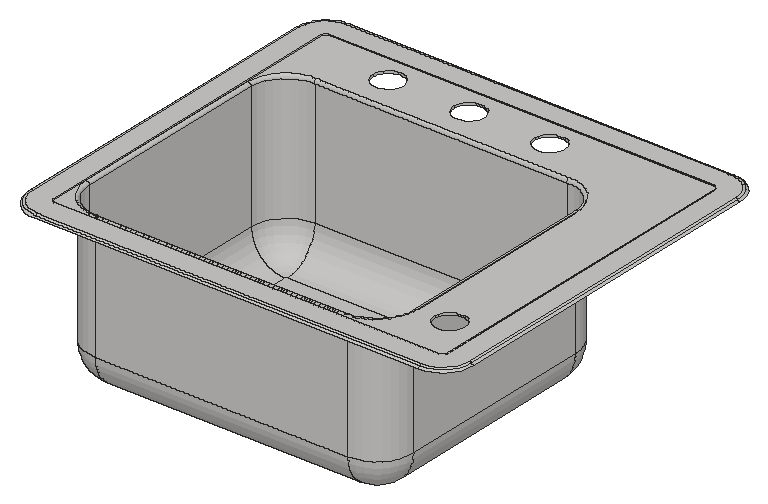
Revit family "Sink-Topmount-Acorn-CDRB-2220-80_Series", category Plumbing Fixtures, host Face, Revit 2019
Family settings
  Host = Face
  Round Connector Dimension = Use Diameter
  Part Type = Normal
  OmniClass Number = 23.45.05.14.14
  OmniClass Title = Sinks/Lavatories
  Cut with Voids When Loaded = No
  Shared = Yes
  Room Calculation Point = No
Parameters (values of type "CDRB-2220-80-3")
  cUPC Compliant = yes
  Width = 22"  # constant formula
  Waste Connection = no
  WFU = 4  # constant formula
  Vent Connection = no
  URL = "https://www.acorneng.com/home"
  Type Comments = "Back and Right Faucet Ledge"  # constant formula
  Right Faucet Hole Distance = 4"
  Right Faucet Hole Depth = 2"
  Product Page URL = ""
  Product Documentation Link = ""
  Model = "CDRB-2220-80-3"
  Material = "Stainless Steel-Acorn-Satin"  # constant formula
  Manufacturer = "Acorn"
  Length = 19 1/2"  # constant formula
  Left Faucet Hole Distance = 4"
  Left Faucet Hole Depth = 2"
  Installation Type = "Wall Mounted"
  Height = 8"  # constant formula
  HWFU = 3  # constant formula
  HW Connection = no
  Finish = Stainless Steel-Acorn-Satin
  Drain Opening Size = 3 1/2"
  Description = "Stainless Steel Drop In Sink"
  Default Elevation = 34"
  Deck Punch Hole Depth = 2"
  Creation Date = "23/12/2023"  # constant formula
  Compliance Certifications = "ASME A112.19.3/CSA B45.4, IAPMO® Certified"
  Central Faucet Hole Depth = 2"
  CWFU = 3  # constant formula
  CW Connection = no
  Bowl Width = 16"  # constant formula
  Bowl Length = 13 1/2"  # constant formula
  Assembly Code = "D2010440"
  -3 3 Holes on 4” Centers (8” Centerset) = yes
  -1 Single Hole Centered = no
  -0 Blank, No Deck Punching = no
  -2 2 Holes on 4” Centers (4” Centerset) = no
Types (5): name | Right Faucet Hole Distance | Right Faucet Hole Depth | Model | Left Faucet Hole Distance | Left Faucet Hole Depth | Deck Punch Hole Depth | Central Faucet Hole Depth | -3 3 Holes on 4” Centers (8” Centerset) | -1 Single Hole Centered | -0 Blank, No Deck Punching | -2 2 Holes on 4” Centers (4” Centerset)
  (no name) | 4" | 2" | "CDRB-2220-80-3" | 4" | 2" | 2" | 2" | yes | no | no | no
  CDRB-2220-80-0 | 4" | 1" | "CDRB-2220-80-0" | 4" | 1" | 1" | 1" | no | no | yes | no
  CDRB-2220-80-1 | 4" | 1" | "CDRB-2220-80-1" | 4" | 1" | 2" | 2" | no | yes | no | no
  CDRB-2220-80-2 | 2" | 2" | "CDRB-2220-80-2" | 2" | 2" | 2" | 1" | no | no | no | yes
  CDRB-2220-80-3 | 4" | 2" | "CDRB-2220-80-3" | 4" | 2" | 2" | 2" | yes | no | no | no
Reference planes (in)
  plane 1 "Center (Front/Back)": y = 0
  plane 2: z = 0
  plane 3 "Center (Left/Right)": x = 0
  plane 4: z = -8
  plane 5: z = 2
  plane 6: z = 0
  plane 7: z = 0
  plane 8: z = 0
  plane 9: x = -9.5
  plane 10: x = 12.5
  plane 11: y = -17.875
  plane 12: y = -2.625
  plane 13: y = -4.375
  plane 14: y = -11.125
  plane 15: z = -7.9375
  plane 16: y = -19.5
  plane 17: x = 9.75
  plane 18: y = -16
  plane 19: x = -8
  plane 20: x = 8
  plane 21: x = -4
  plane 22: x = 4
Forms (in)
  Extrusion 1, solid, material "Stainless Steel-Acorn-Satin" <- "Finish"
    sketch origin (-18.07586, 1.04906, -0.59717) x (1, 0, 0) y (0, 1, 0)
      loop
        circle (18.07586, -12.17406) r 1.75
      loop
        arc (24.38836, -7.17406) -> (24.37008, -7.12992) -> (24.32594, -7.11164) r 0.06242
        line (24.32594, -7.11164) -> (11.82586, -7.11164)
        arc (11.82586, -7.11164) -> (11.78172, -7.12992) -> (11.76344, -7.17406) r 0.06242
        line (11.76344, -7.17406) -> (11.76344, -17.17406)
        arc (11.76344, -17.17406) -> (11.78172, -17.21819) -> (11.82586, -17.23647) r 0.06242
        line (11.82586, -17.23647) -> (24.32594, -17.23647)
        arc (24.32594, -17.23647) -> (24.37008, -17.21819) -> (24.38836, -17.17406) r 0.06242
        line (24.38836, -17.17406) -> (24.38836, -7.17406)
    from -7.40283 to -7.34033
  Sweep 2, solid, material "Stainless Steel-Acorn-Satin" <- "Finish"
    path origin (0.50008, 0.25, 0) x (1, 0, 0) y (0, 1, 0)
      loop
        line (-8.50008, -6.375) -> (-8.50008, -16.375)
        arc (-8.50008, -16.375) -> (-7.98752, -17.61244) -> (-6.75008, -18.125) r 1.75
        line (-6.75008, -18.125) -> (5.75, -18.125)
        arc (5.75, -18.125) -> (6.98744, -17.61244) -> (7.5, -16.375) r 1.75
        line (7.5, -16.375) -> (7.5, -6.375)
        arc (7.5, -6.375) -> (6.98744, -5.13756) -> (5.75, -4.625) r 1.75
        line (5.75, -4.625) -> (-6.75008, -4.625)
        arc (-6.75008, -4.625) -> (-7.98752, -5.13756) -> (-8.50008, -6.375) r 1.75
    profile origin (-8, -11.125, 0) x (1, 0, 0) y (0, 0, 1)
      loop
        line (-0.15271, 0.09698) -> (-0.21339, 0.09698) -> (-0.21339, 0) -> (-0.11121, 0)
        arc (-0.11121, 0) -> (-0.07671, -0.01429) -> (-0.06242, -0.0488) r 0.0488
        line (-0.06242, -0.0488) -> (-0.06242, -6.25)
        arc (-0.06242, -6.25) -> (0.45015, -7.48744) -> (1.68758, -8) r 1.75
        line (1.68758, -8) -> (1.68758, -7.9375)
        arc (1.68758, -7.9375) -> (0.49434, -7.44324) -> (0.00008, -6.25) r 1.6875
        line (0.00008, -6.25) -> (0.00008, -0.05581)
        arc (0.00008, -0.05581) -> (-0.04467, 0.05223) -> (-0.15271, 0.09698) r 0.15279
  Extrusion 3, void
    sketch origin (0, 0, 0) x (1, 0, 0) y (0, 1, 0)
      loop
        line (-9.5, -1.5) -> (-9.5, -18)
        arc (-9.5, -18) -> (-9.06066, -19.06066) -> (-8, -19.5) r 1.5
        line (-8, -19.5) -> (11, -19.5)
        arc (11, -19.5) -> (12.06066, -19.06066) -> (12.5, -18) r 1.5
        line (12.5, -18) -> (12.5, -1.5)
        arc (12.5, -1.5) -> (12.06066, -0.43934) -> (11, 0) r 1.5
        line (11, 0) -> (-8, 0)
        arc (-8, 0) -> (-9.06066, -0.43934) -> (-9.5, -1.5) r 1.5
    from -21.11575 to 12
  Extrusion 4, void
    sketch origin (0, 0, 0) x (1, 0, 0) y (0, 1, 0)
      loop
        circle (-4, -2.625) r 0.75
    from 0 to 2
  Extrusion 5, void
    sketch origin (2, 0, 0) x (1, 0, 0) y (0, 1, 0)
      loop
        circle (-2, -2.625) r 0.75
    from 0 to 2
  Extrusion 6, void
    sketch origin (4, 0, 0) x (1, 0, 0) y (0, 1, 0)
      loop
        circle (0, -2.625) r 0.75
    from 0 to 2
  Extrusion 7, void
    sketch origin (0, 0, 0) x (1, 0, 0) y (0, 1, 0)
      loop
        circle (9.75, -16) r 0.75
    from 0 to 2
  Sweep 8, solid, material "Stainless Steel-Acorn-Satin" <- "Finish"
    path origin (-0.24047, 0, 0) x (1, 0, 0) y (0, 1, 0)
      loop
        arc (-7.75953, 0) -> (-8.82019, -0.43934) -> (-9.25953, -1.5) r 1.5
        line (-9.25953, -1.5) -> (-9.25953, -18)
        arc (-9.25953, -18) -> (-8.82019, -19.06066) -> (-7.75953, -19.5) r 1.5
        line (-7.75953, -19.5) -> (11.24047, -19.5)
        arc (11.24047, -19.5) -> (12.30113, -19.06066) -> (12.74047, -18) r 1.5
        line (12.74047, -18) -> (12.74047, -1.5)
        arc (12.74047, -1.5) -> (12.30113, -0.43934) -> (11.24047, 0) r 1.5
        line (11.24047, 0) -> (-7.75953, 0)
    profile origin (1.5, 0, 0) x (0, 1, 0) y (0, 0, 1)
      loop
        line (-0.00024, 0) -> (-0.08808, 0.07113)
        arc (-0.08808, 0.07113) -> (-0.14336, 0.10209) -> (-0.20581, 0.11282) r 0.18708
        line (-0.20581, 0.11282) -> (-1.25, 0.11282) -> (-1.25, 0) -> (-0.00024, 0)
  Extrusion 9, solid, material "Stainless Steel-Acorn-Satin" <- "Finish"
    sketch origin (3.00008, 0.25, 0) x (-1, 0, 0) y (0, -1, 0)
      loop
        arc (9.25008, 4.41161) -> (10.63841, 4.98667) -> (11.21347, 6.375) r 1.96339
        line (11.21347, 6.375) -> (11.21347, 16.375)
        arc (11.21347, 16.375) -> (10.63841, 17.76333) -> (9.25008, 18.33839) r 1.96339
        line (9.25008, 18.33839) -> (-3.25, 18.33839)
        arc (-3.25, 18.33839) -> (-4.63833, 17.76333) -> (-5.21339, 16.375) r 1.96339
        line (-5.21339, 16.375) -> (-5.21339, 6.375)
        arc (-5.21339, 6.375) -> (-4.63833, 4.98667) -> (-3.25, 4.41161) r 1.96339
        line (-3.25, 4.41161) -> (9.25008, 4.41161)
      loop
        line (-8, 1.5) -> (11, 1.5)
        arc (11, 1.5) -> (11.17678, 1.57322) -> (11.25, 1.75) r 0.25
        line (11.25, 1.75) -> (11.25, 18.25)
        arc (11.25, 18.25) -> (11.17678, 18.42678) -> (11, 18.5) r 0.25
        line (11, 18.5) -> (-8, 18.5)
        arc (-8, 18.5) -> (-8.17678, 18.42678) -> (-8.25, 18.25) r 0.25
        line (-8.25, 18.25) -> (-8.25, 1.75)
        arc (-8.25, 1.75) -> (-8.17678, 1.57322) -> (-8, 1.5) r 0.25
    from 0 to 0.09698
Cuts and joins
  Extrusion 4, Extrusion 5, Extrusion 6, Extrusion 7 cuts Extrusion 1
  Extrusion 4, Extrusion 5, Extrusion 6, Extrusion 7 cuts Sweep 2
  Extrusion 4, Extrusion 5, Extrusion 6, Extrusion 7 cuts Extrusion 9
  joined: Extrusion 1, Sweep 2, Extrusion 9
Dimensions and locks (in)
  host face to plane 4 = 8"
  "Left Faucet Hole Depth": plane 5 to plane 6
  "Right Faucet Hole Depth": plane 5 to plane 8
  "Central Faucet Hole Depth": plane 5 to plane 7
  "Width": plane 9 to plane 10
  plane 13 to plane 14 = 6 3/4"
  locked: plane 15 to plane 4 at 0.0625
  "Height": level to plane 4
  "Height": level to Sweep 2 sketch curve
  locked: Sweep 2 sketch curve to Sweep 2 sketch curve at 0.0625
  locked: plane 12 to plane 13 at 1.75
  "Bowl Length": plane 13 to plane 11
  "Length": plane 16 to plane 1 "Center (Front/Back)"
  plane 11 to plane 16 = 1 5/8"
  plane 18 to plane 11 = 1 7/8"
  plane 9 to plane 3 "Center (Left/Right)" = 9 1/2"
  plane 9 to plane 19 = 1 1/2"
  "Bowl Width": plane 19 to plane 20
  plane 20 to plane 17 = 1 3/4"
  "Left Faucet Hole Distance": plane 21 to plane 3 "Center (Left/Right)"
  "Right Faucet Hole Distance": plane 3 "Center (Left/Right)" to plane 22
  "Deck Punch Hole Depth": plane 5 to Extrusion 7
  diameter of Extrusion 7 sketch curve = 1 1/2"
  aligned and locked: host face to plane 2
  aligned and locked: host face to level
  aligned and locked: plane 5 to Extrusion 4
  aligned and locked: plane 3 "Center (Left/Right)" to Extrusion 5 sketch curve
  aligned and locked: Extrusion 4 to plane 6
  aligned and locked: Extrusion 5 to plane 7
  aligned and locked: plane 8 to Extrusion 6
  aligned and locked: plane 12 to Extrusion 4 sketch curve
  aligned and locked: plane 12 to Extrusion 5 sketch curve
  aligned and locked: plane 12 to Extrusion 6 sketch curve
  aligned and locked: plane 14 to Extrusion 1 sketch curve
  aligned and locked: plane 3 "Center (Left/Right)" to Extrusion 1 sketch curve
  aligned and locked: plane 17 to Extrusion 7 sketch curve
  aligned and locked: plane 18 to Extrusion 7 sketch curve
  aligned and locked: plane 10 to Sweep 8 sketch curve
  aligned and locked: plane 9 to Sweep 8 sketch curve
  aligned and locked: plane 1 "Center (Front/Back)" to Sweep 8 sketch curve
  aligned and locked: plane 16 to Sweep 8 sketch curve
  aligned and locked: cut or joined group of Extrusion 1, Sweep 2, Extrusion 4, Extrusion 5, Extrusion 6, Extrusion 7, Extrusion 9 to plane 4
  aligned and locked: cut or joined group of Extrusion 1, Sweep 2, Extrusion 4, Extrusion 5, Extrusion 6, Extrusion 7, Extrusion 9 to plane 15
  aligned and locked: Extrusion 4 sketch curve to plane 21
  aligned and locked: plane 22 to Extrusion 6 sketch curve
  aligned and locked: plane 5 to Extrusion 7
Automatic sketch dimensions
  host sketch curve to host sketch curve = 161.60125"
  host sketch curve to host sketch curve = 96"
  Extrusion 1 sketch curve to plane 18 = 1/8"
  Extrusion 1 sketch curve to Extrusion 1 sketch curve = 0.06242"  (x3)
  Extrusion 1 sketch curve to plane 13 = 1 3/4"
  Sweep 2 sketch curve to plane 13 = 0"
  Sweep 2 sketch curve to plane 11 = 0"
  plane 9 to Sweep 2 sketch curve = 1 1/2"
  Sweep 2 sketch curve to plane 18 = 1/8"  (x2)
  Sweep 2 sketch curve to Sweep 2 sketch curve = 0"  (x2)
  Sweep 2 sketch curve to profile plane = 0"
  profile plane to Sweep 2 sketch curve = 0.09698"
  profile plane to Sweep 2 sketch curve = 0.21339"
  Sweep 2 sketch curve to Sweep 2 sketch curve = 0.06068"
  Sweep 2 sketch curve to Sweep 2 sketch curve = 0.0415"
  profile plane to Sweep 2 sketch curve = 0.06242"
  Sweep 2 sketch curve to Sweep 2 sketch curve = 1 11/16"
  Extrusion 3 sketch curve to plane 9 = 0"
  Extrusion 3 sketch curve to plane 16 = 0"
  plane 1 "Center (Front/Back)" to Extrusion 3 sketch curve = 0"
  Extrusion 3 sketch curve to plane 10 = 0"
  Extrusion 3 sketch curve to Extrusion 3 sketch curve = 1 1/2"
  plane 9 to Extrusion 3 sketch curve = 1 1/2"
  Extrusion 3 sketch curve to plane 11 = 1/8"
  plane 12 to Extrusion 3 sketch curve = 1 1/8"
  plane 12 to Sweep 8 sketch curve = 1 1/8"
  Sweep 8 sketch curve to plane 11 = 1/8"  (x2)
  plane 10 to Sweep 8 sketch curve = 1 1/2"
  Sweep 8 sketch curve to profile plane = 0"
  profile plane to Sweep 8 sketch curve = 1 1/4"
  profile plane to Sweep 8 sketch curve = 0.11282"
  profile plane to Sweep 8 sketch curve = 0.20581"
  profile plane to Sweep 8 sketch curve = 0.07113"
  profile plane to Sweep 8 sketch curve = 0.08808"
  profile plane to Sweep 8 sketch curve = 0.00024"
  Extrusion 9 sketch curve to plane 11 = 1/8"  (x2)
  plane 10 to Extrusion 9 sketch curve = 1.24992"
  Extrusion 9 sketch curve to Extrusion 9 sketch curve = 1/4"  (x2)
  Extrusion 9 sketch curve to plane 18 = 1/8"  (x2)
  Extrusion 9 sketch curve to Extrusion 9 sketch curve = 2.78661"
  Extrusion 9 sketch curve to Extrusion 9 sketch curve = 1.96339"  (x2)
  Extrusion 9 sketch curve to plane 11 = 0.21339"
  plane 9 to Extrusion 9 sketch curve = 1.50008"  (x2)
  Extrusion 9 sketch curve to plane 13 = 1 3/4"
  plane 12 to Extrusion 9 sketch curve = 1 1/8"
  plane 19 to Extrusion 1 sketch curve = 1 3/4"
  plane 19 to Sweep 2 sketch curve = 1 3/4"
  plane 19 to Extrusion 9 sketch curve = 1 3/4"
  Extrusion 1 sketch curve to plane 20 = 1.74992"  (x2)
  Sweep 2 sketch curve to plane 20 = 1.74992"  (x2)
  radius of Extrusion 1 sketch curve = 1 3/4"
  radius of Extrusion 4 sketch curve = 3/4"
  radius of Extrusion 5 sketch curve = 3/4"
  radius of Extrusion 6 sketch curve = 3/4"
